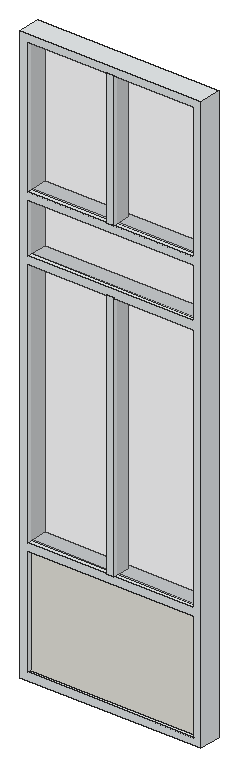
Revit family "CT_Janela_Painel_6Vid_Asim", category Windows, host Wall, Revit 2025
Family settings
  Host = Wall
  OmniClass Number = 23.30.20.00
  OmniClass Title = Windows
  Always vertical = Yes
  Cut with Voids When Loaded = No
  Shared = No
  Room Calculation Point = Yes
Parameters (values of type "JAN_FAC_6PA_INT_D")
  Material_Vidro = CT_Vidros
  Material_Painel_Inferior = CT_Placa_Cega
  Material_Esquadria = CT_Esquadrias_Aluminio
  Height [instance] = 4.000 m
  Espess_Esquadria = 0.050 m
  Define Thermal Properties by = Schematic Type
  Default Sill Height = 0.800 m
  Wall Closure = By host
  Width [instance] = 1.250 m
  Analytic Construction = "<None>"
  Alt_Bandeira_Sup = 1.000 m
  Alt_Bandeira_Inf = 1.800 m
Types (3, lengths in m): name | Material_Painel_Inferior | Material_Esquadria | Height | Alt_Bandeira_Sup | Alt_Bandeira_Inf
  JAN_FAC_6PA_INT_D | CT_Placa_Cega | CT_Esquadrias_Aluminio | 4.000 | 1.000 | 1.800
  JAN_FAC_6PA_INT_H | CT_Vidros | CT_Aluminio | 3.450 | 0.900 | 1.250
  JAN_FAC_6PA_INT_A | CT_Vidros | CT_Esquadrias_Aluminio | 4.000 | 1.000 | 1.800
Reference planes (m)
  plane 1 "Center (Front/Back)": y = 0
  plane 2 "Center (Left/Right)": x = 0
  plane 3 "Left": x = -0.625
  plane 4 "Right": x = 0.625
  plane 5 "Sill": z = 0.8
  plane 6 "Head": z = 4
  plane 7 "Exterior": y = 0.05
  plane 8 "Interior": y = -0.05
  plane 9: z = 3
  plane 10: z = 2.6
Forms (m)
  Extrusion 1, solid, material "CT_Esquadrias_Aluminio" <- "Material_Esquadria"
    sketch origin (0, 0.05, 0) x (1, 0, 0) y (0, 0, 1)
      loop
        line (0.625, 4) -> (-0.625, 4) -> (-0.625, 0) -> (0.625, 0) -> (0.625, 4)
      loop
        line (-0.575, 0.8) -> (-0.575, 0.05) -> (0.575, 0.05) -> (0.575, 0.8) -> (-0.575, 0.8)
      loop
        line (-0.575, 3.95) -> (-0.575, 3.025) -> (0.575, 3.025) -> (0.575, 3.95) -> (-0.575, 3.95)
      loop
        line (-0.575, 2.975) -> (-0.575, 2.625) -> (0.575, 2.625) -> (0.575, 2.975) -> (-0.575, 2.975)
      loop
        line (0.575, 0.85) -> (0.575, 2.575) -> (-0.575, 2.575) -> (-0.575, 0.85) -> (0.575, 0.85)
    from -0.05 to 0.1
  Extrusion 2, solid, material "CT_Vidros" <- "Material_Vidro"
    sketch origin (0, 0.05, 0) x (1, 0, 0) y (0, 0, 1)
      loop
        line (0.575, 3.95) -> (0.025, 3.95) -> (0.025, 3.025) -> (0.575, 3.025) -> (0.575, 3.95)
      loop
        line (-0.025, 3.95) -> (-0.575, 3.95) -> (-0.575, 3.025) -> (-0.025, 3.025) -> (-0.025, 3.95)
      loop
        line (0.575, 2.975) -> (-0.575, 2.975) -> (-0.575, 2.625) -> (0.575, 2.625) -> (0.575, 2.975)
      loop
        line (0.575, 2.575) -> (0.025, 2.575) -> (0.025, 0.85) -> (0.575, 0.85) -> (0.575, 2.575)
      loop
        line (-0.025, 2.575) -> (-0.575, 2.575) -> (-0.575, 0.85) -> (-0.025, 0.85) -> (-0.025, 2.575)
    from 0.062444 to 0.074642
  Extrusion 3, solid, material "CT_Placa_Cega" <- "Material_Painel_Inferior"
    sketch origin (0, 0.05, 0) x (1, 0, 0) y (0, 0, 1)
      loop
        line (0.575, 0.8) -> (-0.575, 0.8) -> (-0.575, 0.05) -> (0.575, 0.05) -> (0.575, 0.8)
    from 0.062444 to 0.074642
  Extrusion 4, solid, material "CT_Esquadrias_Aluminio" <- "Material_Esquadria"
    sketch origin (0, 0.1, 0) x (-1, 0, 0) y (0, 0, 1)
      loop
        line (-0.025, 3.95) -> (-0.025, 3.025) -> (0.025, 3.025) -> (0.025, 3.95) -> (-0.025, 3.95)
    from -0.15 to -0.035
  Extrusion 5, solid, material "CT_Esquadrias_Aluminio" <- "Material_Esquadria"
    sketch origin (0, 0.1, -1.54) x (-1, 0, 0) y (0, 0, 1)
      loop
        line (-0.025, 4.115) -> (-0.025, 2.39) -> (0.025, 2.39) -> (0.025, 4.115) -> (-0.025, 4.115)
    from -0.15 to -0.035
Lines and regions (m)
  Opening 1
    outline origin (3.5, -0.05, 0) x (1, 0, 0) y (0, 0, 1)
      loop
        line (-2.875, 0) -> (-2.875, 4) -> (-4.125, 4) -> (-4.125, 0) -> (-2.875, 0)
Text (m)
  text "EXTERIOR" at (-1.963203, 1.332353, 0), in view "Ref. Level"
  text "INTERIOR" at (-1.981466, -0.818386, 0), in view "Ref. Level"
  text "Exterior" at (0, 0.923751, 2.943296), in view "Right"
  text "Exterior" at (0, 1.040484, 2.685409), in view "Left"
Dimensions and locks (m)
  equal spacing: plane 3 "Left", plane 2 "Center (Left/Right)", plane 4 "Right"
  "Width": plane 3 "Left" to plane 4 "Right"
  level to plane 6 "Head" = 4.000 m
  "Default Sill Height": plane 5 "Sill" to level
  locked: plane 7 "Exterior" to host wall
  locked: plane 8 "Interior" to host wall
  "Alt_Bandeira_Sup": plane 9 to plane 6 "Head"
  "Alt_Bandeira_Inf": plane 5 "Sill" to plane 10
  equal spacing: Extrusion 1 sketch curve, plane 9, Extrusion 1 sketch curve
  Extrusion 1 sketch curve to Extrusion 1 sketch curve = 0.050 m  (x2)
  "Espess_Esquadria": Extrusion 1 sketch curve to Extrusion 1 sketch curve  (x6)
  equal spacing: Extrusion 1 sketch curve, plane 10, Extrusion 1 sketch curve
  locked: Extrusion 1 to Extrusion 2 at 0.025358
  locked: Extrusion 2 to Extrusion 2 at 0.012199
  "Height": plane 6 "Head" to level
  locked: Extrusion 1 to Extrusion 1 at 0.15
  locked: Extrusion 5 to Extrusion 5 at 0.115
  aligned and locked: plane 8 "Interior" to Extrusion 1
  aligned and locked: plane 3 "Left" to Extrusion 1
  aligned and locked: Extrusion 1 to plane 4 "Right"
  aligned and locked: Extrusion 1 sketch curve to Extrusion 1 sketch curve  (x4)
  aligned and locked: Extrusion 1 to Extrusion 2 sketch curve  (x6)
  aligned and locked: Extrusion 2 sketch curve to Extrusion 1  (x5)
  aligned and locked: Extrusion 3 sketch curve to Extrusion 1  (x4)
  aligned and locked: Extrusion 3 to Extrusion 2  (x2)
  aligned and locked: level to Opening 1 sketch curve
  aligned and locked: Opening 1 sketch curve to plane 4 "Right"
  aligned and locked: Opening 1 sketch curve to plane 3 "Left"
  aligned and locked: Extrusion 4 sketch curve to Extrusion 2  (x4)
  aligned and locked: Extrusion 1 to Extrusion 4
  aligned and locked: Extrusion 5 to Extrusion 1  (x2)
  aligned and locked: Extrusion 1 to Extrusion 5
  aligned and locked: Extrusion 5 to Extrusion 4
  aligned and locked: host wall to Extrusion 1
Automatic sketch dimensions
  Opening 1 sketch curve to plane 6 "Head" = 0.000 m
  plane 2 "Center (Left/Right)" to Extrusion 2 sketch curve = 0.025 m  (x2)
  Extrusion 2 sketch curve to plane 2 "Center (Left/Right)" = 0.025 m  (x2)
  Extrusion 2 sketch curve to plane 5 "Sill" = 0.050 m
  Extrusion 2 sketch curve to plane 10 = 0.025 m
  plane 9 to Extrusion 2 sketch curve = 0.025 m
  plane 6 "Head" to Extrusion 2 sketch curve = 0.050 m  (x2)
  Extrusion 5 sketch curve to plane 2 "Center (Left/Right)" = 0.025 m
  plane 2 "Center (Left/Right)" to Extrusion 5 sketch curve = 0.025 m
  Extrusion 5 sketch curve to plane 5 "Sill" = 0.050 m
  Extrusion 5 sketch curve to plane 10 = 0.025 m
  Extrusion 1 sketch curve to plane 3 "Left" = 0.000 m
  Extrusion 1 sketch curve to plane 5 "Sill" = 0.000 m
  Extrusion 1 sketch curve to plane 4 "Right" = 0.000 m
  Extrusion 1 sketch curve to level = 0.000 m
  Extrusion 1 sketch curve to plane 6 "Head" = 0.000 m
  Extrusion 1 sketch curve to Extrusion 1 sketch curve = 0.050 m
  Extrusion 1 sketch curve to plane 10 = 0.025 m
  plane 6 "Head" to Extrusion 1 sketch curve = 0.050 m
